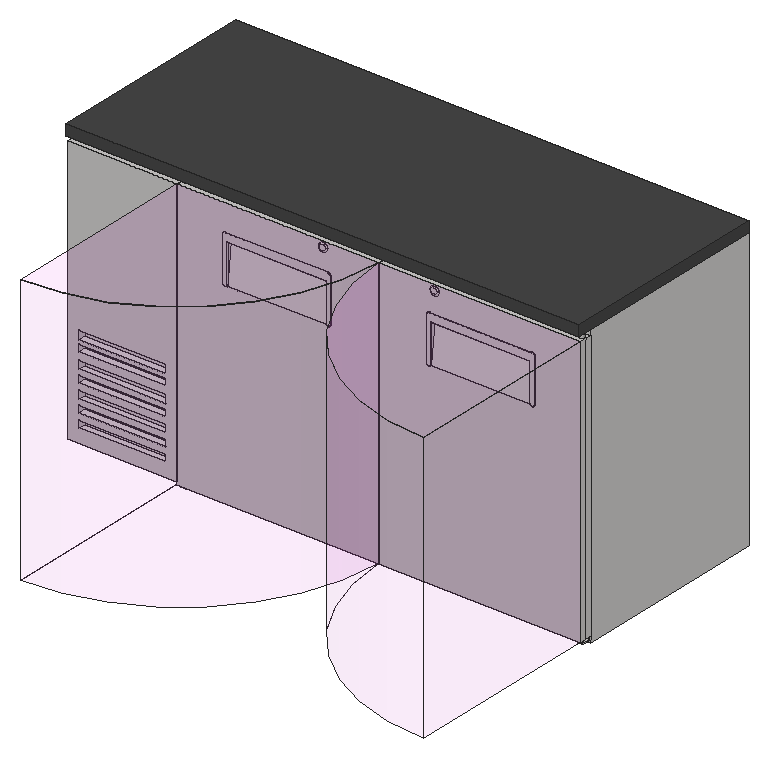
Revit family "QF_True_TBB24-60-2S-Z1-BST-S-1_Solid_Swing_Door_Back_Bar", category Specialty Equipment, Revit 2021 (continued)
Definition of nested family "Family3"
  Definition of nested family "5 INCHES 01_CASTER 2"
    Forms (in)
      Extrusion 6, solid, visible <- "Key Locks"
        sketch origin (-0.96875, 2.04726, -0.57589) x (0, 1, 0) y (0, 0, -1)
          loop
            arc (-0.79652, -3.20306) -> (-0.67098, -3.20163) -> (-0.54633, -3.21661) r 0.9589
            line (-0.54633, -3.21661) -> (0.23309, -3.66661) -> (0.42979, -3.32592)
            arc (0.42979, -3.32592) -> (0.46473, -3.10362) -> (0.3415, -2.91533) r 0.313
            line (0.3415, -2.91533) -> (0.21087, -3.04595)
            arc (0.21087, -3.04595) -> (0.24081, -3.14321) -> (0.14284, -3.17074) r 0.07109
            line (0.14284, -3.17074) -> (-0.52795, -2.78336)
            arc (-0.52795, -2.78336) -> (-0.62217, -2.51108) -> (-0.36609, -2.37904) r 0.22
            arc (-0.36609, -2.37904) -> (-0.3435, -2.357) -> (-0.33862, -2.32583) r 0.05
            arc (-0.33862, -2.32583) -> (-0.50047, -2.10967) -> (-0.75504, -2.01961) r 0.46592
            line (-0.75504, -2.01961) -> (-1.49574, -2.01961)
            arc (-1.49574, -2.01961) -> (-1.57675, -2.00894) -> (-1.65224, -1.97767) r 0.313
            line (-1.65224, -1.97767) -> (-2.05389, -1.74578)
            arc (-2.05389, -1.74578) -> (-2.2914, -1.71451) -> (-2.48146, -1.86034) r 0.313
            line (-2.48146, -1.86034) -> (-2.58496, -2.03961)
        from 0 to 0.0625
      Extrusion 7, solid, visible <- "Key Locks"
        sketch origin (-0.96875, 2.04726, -0.57589) x (0, 1, 0) y (0, 0, -1)
          loop
            line (-0.45692, -2.6604) -> (0.47061, -3.19578)
            arc (0.47061, -3.19578) -> (0.44304, -3.03852) -> (0.3415, -2.91533) r 0.313
            line (0.3415, -2.91533) -> (-0.36656, -2.53415)
            arc (-0.36656, -2.53415) -> (-0.48136, -2.54745) -> (-0.45692, -2.6604) r 0.078
        from 0 to 0.5
      Extrusion 8, solid, visible <- "Key Locks"
        sketch origin (0.96875, 2.04726, -0.57589) x (0, 1, 0) y (0, 0, 1)
          loop
            line (-2.58496, 2.03961) -> (-2.48146, 1.86034)
            arc (-2.48146, 1.86034) -> (-2.2914, 1.71451) -> (-2.05389, 1.74578) r 0.313
            line (-2.05389, 1.74578) -> (-1.65224, 1.97767)
            arc (-1.65224, 1.97767) -> (-1.57675, 2.00894) -> (-1.49574, 2.01961) r 0.313
            line (-1.49574, 2.01961) -> (-0.75504, 2.01961)
            arc (-0.75504, 2.01961) -> (-0.50047, 2.10967) -> (-0.33862, 2.32583) r 0.46592
            arc (-0.33862, 2.32583) -> (-0.3435, 2.357) -> (-0.36609, 2.37904) r 0.05
            arc (-0.36609, 2.37904) -> (-0.62217, 2.51108) -> (-0.52795, 2.78336) r 0.22
            line (-0.52795, 2.78336) -> (0.14284, 3.17074)
            arc (0.14284, 3.17074) -> (0.24081, 3.14321) -> (0.21087, 3.04595) r 0.07109
            line (0.21087, 3.04595) -> (0.3415, 2.91533)
            arc (0.3415, 2.91533) -> (0.46473, 3.10362) -> (0.42979, 3.32592) r 0.313
            line (0.42979, 3.32592) -> (0.23309, 3.66661) -> (-0.54633, 3.21661)
            arc (-0.54633, 3.21661) -> (-0.67098, 3.20163) -> (-0.79652, 3.20306) r 0.9589
            arc (-0.79652, 3.20306) -> (-1.13602, 3.13035) -> (-1.38688, 2.89031) r 0.63657
            arc (-1.38688, 2.89031) -> (-1.45411, 2.76529) -> (-1.53273, 2.64711) r 1.51617
            line (-1.53273, 2.64711) -> (-1.89213, 2.43961) -> (-2.58496, 2.03961)
        from 0 to 0.0625
      Extrusion 9, solid, visible <- "Key Locks"
        sketch origin (0.96875, 2.04726, -0.57589) x (0, 1, 0) y (0, 0, 1)
          loop
            arc (-0.45692, 2.6604) -> (-0.48136, 2.54745) -> (-0.36656, 2.53415) r 0.078
            line (-0.36656, 2.53415) -> (0.3415, 2.91533)
            arc (0.3415, 2.91533) -> (0.44304, 3.03852) -> (0.47061, 3.19578) r 0.313
            line (0.47061, 3.19578) -> (-0.45692, 2.6604)
        from 0 to 0.5
    Cuts and joins
      joined: Extrusion 2, Extrusion 4, Extrusion 5
    Lines and regions (in)
      symbolic lines, visible <- "Show 5" Casters"
        curve 1: line (0.54262, 2.21348, 0) -> (1.50337, 1.65879, 0)
        curve 2: line (-1.45738, -1.25062, 0) -> (-0.70738, 0.04842, 0)
        curve 3: line (-0.49663, -1.80531, 0) -> (-1.45738, -1.25062, 0)
        curve 4: line (1.50337, 1.65879, 0) -> (0.75337, 0.35975, 0)
        curve 5: line (-0.20738, 0.91444, 0) -> (0.54262, 2.21348, 0)
        curve 6: line (0.25337, -0.50627, 0) -> (-0.49663, -1.80531, 0)
    Dimensions and locks (in)
      plane 4 "TOP" to level = 5"  (x2)
      aligned and locked: level to plane 1
  Definition of nested family "6 INCHES LEGS"
    Parameters (values of type "6 INCHES LEGS")
      Weight = ""
      URL Manufacturer = ""
      URL Cutsheet = ""
      URL = ""
      Type Mark [instance] = ""
      Status [instance] = ""
      Specification by User [instance] = ""
      Specification by Manufacturer = ""
      Show 6" Legs [instance] = yes
      Show Seismic Flanged [instance] = yes
      Serial Number = ""
      Seismic Rating = ""
      SMACNA No = ""
      Revision Code [instance] = ""
      Omniclass Number and Title = ""
      NAFEM Spec ID Number = ""
      Model = ""
      MasterSpec. = ""
      Manufacturer = ""
      Item Number [instance] = ""
      Installed By [instance] = ""
      Identify Quantity as Lot [instance] = yes
      Furnished By [instance] = ""
      Foodservice Equipment Identifier [instance] = yes
      Description = ""
      Default Elevation = 0"
      CSI MasterFormat = ""
      CSI Master Format = ""
      Assembly Code = ""
    Reference planes (in)
      plane 1: z = 0
      plane 2 "RIGHT": x = 0
      plane 3 "FRONT": y = 0
      plane 4 "TOP": z = 6
    Forms (in)
      Revolve 1, solid, visible <- "Show 6" Legs"
        sketch origin (11.12172, 0, 0) x (-1, 0, 0) y (0, 0, -1)
          loop
            line (11.12172, -6) -> (11.12172, 0) -> (10.62172, 0) -> (10.62172, -1.30261) -> (10.37172, -1.30261) -> (10.37172, -6) -> (11.12172, -6)
          axis (11.12172, 0) -> (11.12172, -6)
        angle from 0 to 360
      Extrusion 2, solid, visible <- "Show Seismic Flanged"
        sketch origin (0, 0, 0) x (1, 0, 0) y (0, 1, 0)
          loop
            circle (0, 0) r 1
        from 0 to 0.03125
    Dimensions and locks (in)
      plane 4 "TOP" to level = 6"  (x2)
      locked: Revolve 1 sketch curve to Revolve 1 sketch curve at 1.30261
      locked: Revolve 1 sketch curve to Revolve 1 sketch curve at 0.75
      aligned and locked: level to plane 1
  Definition of nested family "6 INCHES LEGS WITH FLANGED"
    Parameters (values of type "6 INCHES LEGS WITH FLANGED")
      Weight = ""
      URL Manufacturer = ""
      URL Cutsheet = ""
      URL = ""
      Type Mark [instance] = ""
      Status [instance] = ""
      Specification by User [instance] = ""
      Specification by Manufacturer = ""
      Show 6" Seismic Flanged [instance] = yes
      Serial Number = ""
      Seismic Rating = ""
      SMACNA No = ""
      Revision Code [instance] = ""
      Omniclass Number and Title = ""
      NAFEM Spec ID Number = ""
      Model = ""
      MasterSpec. = ""
      Manufacturer = ""
      Item Number [instance] = ""
      Installed By [instance] = ""
      Identify Quantity as Lot [instance] = yes
      Furnished By [instance] = ""
      Foodservice Equipment Identifier [instance] = yes
      Description = ""
      Default Elevation = 0"
      CSI MasterFormat = ""
      CSI Master Format = ""
      Assembly Code = ""
    Reference planes (in)
      plane 1: z = 0
      plane 2 "RIGHT": x = 0
      plane 3 "FRONT": y = 0
      plane 4 "TOP": z = 6
    Forms (in)
      Revolve 1, solid, visible <- "Show 6" Seismic Flanged"
        sketch origin (11.12172, 0, 0) x (-1, 0, 0) y (0, 0, -1)
          loop
            line (11.12172, -6) -> (11.12172, 0) -> (10.62172, 0) -> (10.62172, -1.30261) -> (10.37172, -1.30261) -> (10.37172, -6) -> (11.12172, -6)
          axis (11.12172, 0) -> (11.12172, -6)
        angle from 0 to 360
      Extrusion 2, solid, visible <- "Show 6" Seismic Flanged"
        sketch origin (0, 0, 0) x (1, 0, 0) y (0, 1, 0)
          loop
            circle (0, 0) r 1
        from 0 to 0.03125
    Dimensions and locks (in)
      plane 4 "TOP" to level = 6"  (x2)
      locked: Revolve 1 sketch curve to Revolve 1 sketch curve at 1.30261
      locked: Revolve 1 sketch curve to Revolve 1 sketch curve at 0.75
      aligned and locked: level to plane 1
